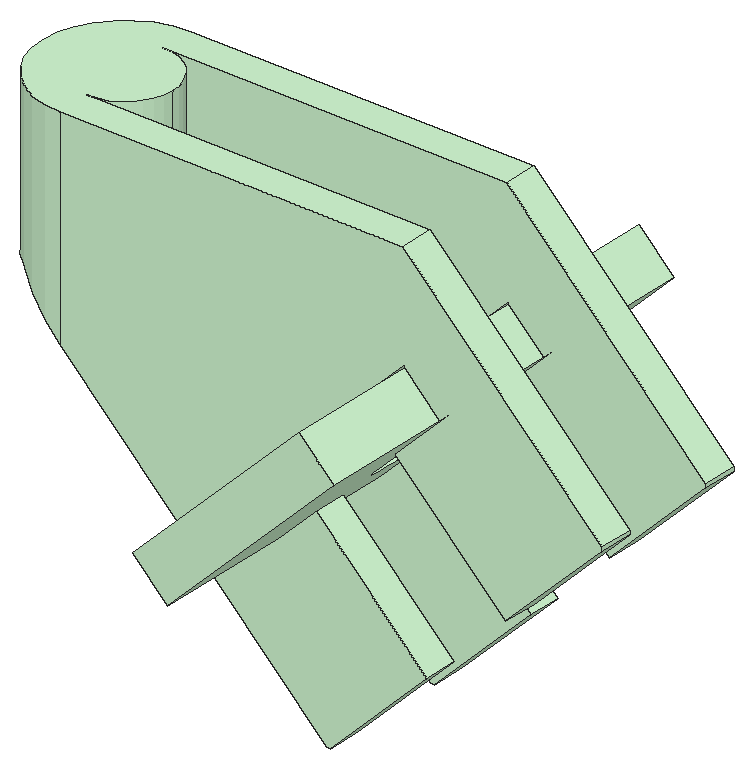
Revit family "bkg_42", category 機械設備, Revit 2022
Family settings
  丸型コネクタ寸法 = 直径を使用
  種別 = なし
  パーツ タイプ = 標準
  作業面ベース = いいえ
  常に垂直 = はい
  ロード時にボイドで切り取り = いいえ
  注釈の向きを維持 = いいえ
  共有 = いいえ
  部屋計算ポイント = いいえ
Parameters
  製造元 = "株式会社桐井製作所"
  既定の高さ = 0 mm
  URL = "https://www.kirii.co.jp/"
  K_許容荷重(引張)(N) = 4200
  K_許容荷重(圧縮)(N) = 4200
  K_品名 = "BKG42"
  K_名称 = "斜め部材(ブレース)上部取付金具"
  K_備考 = "適用角度:30°~60°　キャッチャーボルト（40幅、60幅、65幅）のいすれかと組み合わせて使用する"
  K_バージョン情報 = "20211216"
Reference planes
  plane 1 "中心(正面/背面)": y = 0
  plane 2: z = 0
  plane 3 "中心(左/右)": x = 0
Forms (mm)
  Extrusion 1, solid
    sketch origin (0, 0, 0) x (1, 0, 0) y (0, 1, 0)
      loop
        line (51, 15.4) -> (0, 15.4)
        arc (0, 15.4) -> (-5.445, 13.145) -> (-7.7, 7.7) r 7.7
        arc (-7.7, 7.7) -> (-5.445, 2.255) -> (0, 0) r 7.7
        line (0, 0) -> (51, 0) -> (51, 3.2) -> (0, 3.2)
        arc (0, 3.2) -> (-3.182, 4.518) -> (-4.5, 7.7) r 4.5
        arc (-4.5, 7.7) -> (-3.182, 10.882) -> (0, 12.2) r 4.5
        line (0, 12.2) -> (51, 12.2) -> (51, 15.4)
    from 0 to 44.62
  Extrusion 2, solid
    sketch origin (0, 0, 0) x (1, 0, 0) y (0, 1, 0)
      loop
        circle (0, 7.7) r 4.5
    from 29.62 to 44.62
  Extrusion 3, void
    sketch origin (0, 0, 0) x (1, 0, 0) y (0, 0, 1)
      loop
        line (32.26, 44.62) -> (51, 25.88) -> (51, 44.62) -> (32.26, 44.62)
    from 0 to -15.4
  Extrusion 4, void
    sketch origin (0, 0, 0) x (1, 0, 0) y (0, 0, 1)
      loop
        line (51, 25.5) -> (41.981, 16.481) -> (31.531, 26.931) -> (35.774, 31.174) -> (32.38, 34.568) -> (16.416, 18.604) -> (19.81, 15.21) -> (24.053, 19.452) -> (34.502, 9.002) -> (25.5, 0) -> (51, 0) -> (51, 25.5)
    from 0 to -15.4
  Extrusion 5, void
    sketch origin (0, 0, 0) x (1, 0, 0) y (0, 0, 1)
      loop
        line (-7.7, 0) -> (25.12, 0) -> (-4.5, 29.62) -> (-7.7, 29.62) -> (-7.7, 0)
    from 0 to -15.4
  Extrusion 6, solid
    sketch origin (49.53, -138.842, 51.542) x (0, 1, 0) y (-0.707107, 0, -0.707107)
      loop
        line (126.55, 46.381) -> (126.55, 24.381) -> (166.55, 24.381) -> (166.55, 46.381) -> (126.55, 46.381)
      loop
        circle (146.55, 35.381) r 4.5
    from 0 to -4.675
Cuts and joins
  Extrusion 3, Extrusion 4, Extrusion 5 cuts Extrusion 1
  joined: Extrusion 1, Extrusion 2
Dimensions and locks
  aligned and locked: level to plane 2
